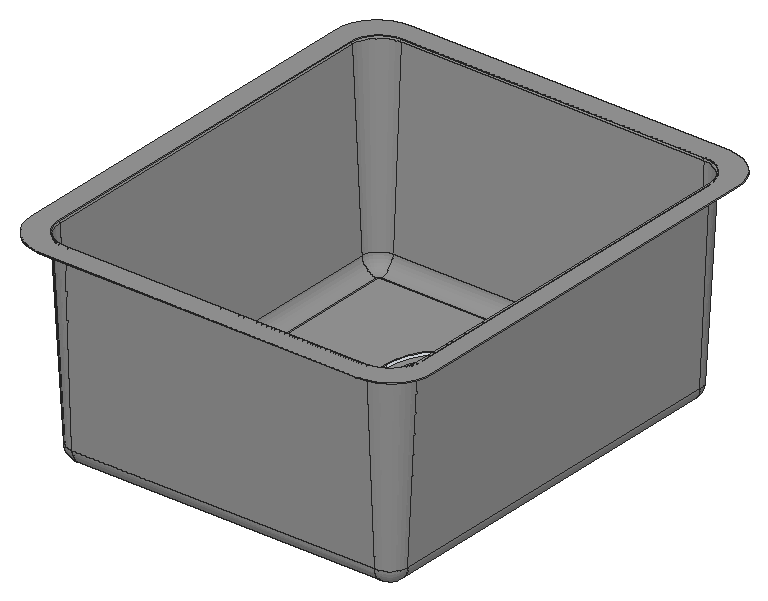
Revit family "SKS-KU340", category Plumbing Fixtures, host Face, Revit 2015
Parameters
  URL = "seima.com.au"
  Model = "SKS-KU340"
  Manufacturer = "SEIMA"
  Default Elevation = 900 mm
Reference planes
  plane 1 "Centro (Frente/Trás)": y = 0
  plane 2: z = 0
  plane 3 "Centro (Esquerda/Direita)": x = 0
  plane 4 "drain": z = -240.782
Forms (mm)
  Extrusion 1, solid, material "Padrão", not visible, detail levels fine
    sketch origin (0, 0, 0) x (1, 0, 0) y (0, 1, 0)
      loop
        line (-1500, 1500) -> (-1500, -1500) -> (1500, -1500) -> (1500, 1500) -> (-1500, 1500)
      loop
        line (-1450, 1450) -> (-1450, -1450) -> (1450, -1450) -> (1450, 1450) -> (-1450, 1450)
    from 0 to -175.6
  Extrusion 2, solid, material "SEIMA_STAINLESS_STEEL"
    sketch origin (0, 0, 0) x (1, 0, 0) y (0, 1, 0)
      loop
        line (152, 147) -> (-152, 147)
        arc (-152, 147) -> (-180.284, 135.284) -> (-192, 107) r 40
        line (-192, 107) -> (-192, -257)
        arc (-192, -257) -> (-180.284, -285.284) -> (-152, -297) r 40
        line (-152, -297) -> (152, -297)
        arc (152, -297) -> (180.284, -285.284) -> (192, -257) r 40
        line (192, -257) -> (192, 107)
        arc (192, 107) -> (180.284, 135.284) -> (152, 147) r 40
      loop
        spline (-144.91, 127.372) -> (-148.498, 127.138) -> (-152.023, 126.437) -> (-155.425, 125.283) -> (-158.647, 123.696) -> (-161.633, 121.701) -> (-164.333, 119.333) -> (-166.701, 116.633) -> (-168.696, 113.647) -> (-170.283, 110.425) -> (-171.437, 107.023) -> (-172.138, 103.498) -> (-172.372, 99.91)
        line (-172.372, 99.91) -> (-172.372, -249.91)
        spline (-172.372, -249.91) -> (-172.138, -253.498) -> (-171.437, -257.023) -> (-170.283, -260.425) -> (-168.696, -263.647) -> (-166.701, -266.633) -> (-164.333, -269.333) -> (-161.633, -271.701) -> (-158.647, -273.696) -> (-155.425, -275.283) -> (-152.023, -276.437) -> (-148.498, -277.138) -> (-144.91, -277.372)
        line (-144.91, -277.372) -> (144.91, -277.372)
        spline (144.91, -277.372) -> (148.498, -277.138) -> (152.023, -276.437) -> (155.425, -275.283) -> (158.647, -273.696) -> (161.633, -271.701) -> (164.333, -269.333) -> (166.701, -266.633) -> (168.696, -263.647) -> (170.283, -260.425) -> (171.437, -257.023) -> (172.138, -253.498) -> (172.372, -249.91)
        line (172.372, -249.91) -> (172.372, 99.91)
        spline (172.372, 99.91) -> (172.138, 103.498) -> (171.437, 107.023) -> (170.283, 110.425) -> (168.696, 113.647) -> (166.701, 116.633) -> (164.333, 119.333) -> (161.633, 121.701) -> (158.647, 123.696) -> (155.425, 125.283) -> (152.023, 126.437) -> (148.498, 127.138) -> (144.91, 127.372)
        line (144.91, 127.372) -> (-144.91, 127.372)
    from -0.8 to 0
  Sweep 3, solid, material "SEIMA_STAINLESS_STEEL"
    path origin (0, 0, -221.582) x (1, 0, 0) y (0, 1, 0)
      loop
        spline (172.372, 99.91) -> (172.138, 103.498) -> (171.437, 107.023) -> (170.283, 110.425) -> (168.696, 113.647) -> (166.701, 116.633) -> (164.333, 119.333) -> (161.633, 121.701) -> (158.647, 123.696) -> (155.425, 125.283) -> (152.023, 126.437) -> (148.498, 127.138) -> (144.91, 127.372)
        line (144.91, 127.372) -> (-144.91, 127.372)
        spline (-144.91, 127.372) -> (-148.498, 127.138) -> (-152.023, 126.437) -> (-155.425, 125.283) -> (-158.647, 123.696) -> (-161.633, 121.701) -> (-164.333, 119.333) -> (-166.701, 116.633) -> (-168.696, 113.647) -> (-170.283, 110.425) -> (-171.437, 107.023) -> (-172.138, 103.498) -> (-172.372, 99.91)
        line (-172.372, 99.91) -> (-172.372, -249.91)
        spline (-172.372, -249.91) -> (-172.138, -253.498) -> (-171.437, -257.023) -> (-170.283, -260.425) -> (-168.696, -263.647) -> (-166.701, -266.633) -> (-164.333, -269.333) -> (-161.633, -271.701) -> (-158.647, -273.696) -> (-155.425, -275.283) -> (-152.023, -276.437) -> (-148.498, -277.138) -> (-144.91, -277.372)
        line (-144.91, -277.372) -> (144.91, -277.372)
        spline (144.91, -277.372) -> (148.498, -277.138) -> (152.023, -276.437) -> (155.425, -275.283) -> (158.647, -273.696) -> (161.633, -271.701) -> (164.333, -269.333) -> (166.701, -266.633) -> (168.696, -263.647) -> (170.283, -260.425) -> (171.437, -257.023) -> (172.138, -253.498) -> (172.372, -249.91)
        line (172.372, -249.91) -> (172.372, 99.91)
    profile origin (172.372, -75, -221.582) x (1, 0, 0) y (0, 0, 1)
      loop
        line (0, 219.982) -> (0, 220.782)
        spline (0, 220.782) -> (-0.178, 220.767) -> (-0.353, 220.729) -> (-0.521, 220.668) -> (-0.68, 220.582) -> (-0.824, 220.474) -> (-0.951, 220.348) -> (-1.06, 220.208) -> (-1.153, 220.055) -> (-1.23, 219.892) -> (-1.294, 219.719) -> (-1.346, 219.537) -> (-1.388, 219.345)
        line (-1.388, 219.345) -> (-10.598, 41.606)
        arc (-10.598, 41.606) -> (-15.249, 31.505) -> (-25.578, 27.382) r 15
        line (-25.578, 27.382) -> (-25.578, 26.582)
        arc (-25.578, 26.582) -> (-14.699, 30.925) -> (-9.799, 41.565) r 15.8
        line (-9.799, 41.565) -> (-0.586, 219.347) -> (0, 219.982)
  Extrusion 4, solid, material "SEIMA_STAINLESS_STEEL"
    sketch origin (0, 0, 0) x (1, 0, 0) y (0, 1, 0)
      loop
        circle (0, 0) r 59.669
      loop
        spline (146.794, 99.91) -> (146.778, 100.164) -> (146.729, 100.409) -> (146.65, 100.644) -> (146.542, 100.863) -> (146.407, 101.065) -> (146.247, 101.247) -> (146.065, 101.407) -> (145.863, 101.542) -> (145.644, 101.65) -> (145.409, 101.729) -> (145.164, 101.778) -> (144.91, 101.794)
        line (144.91, 101.794) -> (-144.91, 101.794)
        spline (-144.91, 101.794) -> (-145.164, 101.778) -> (-145.409, 101.729) -> (-145.644, 101.65) -> (-145.863, 101.542) -> (-146.065, 101.407) -> (-146.247, 101.247) -> (-146.407, 101.065) -> (-146.542, 100.863) -> (-146.65, 100.644) -> (-146.729, 100.409) -> (-146.778, 100.164) -> (-146.794, 99.91)
        line (-146.794, 99.91) -> (-146.794, -249.91)
        spline (-146.794, -249.91) -> (-146.778, -250.164) -> (-146.729, -250.409) -> (-146.65, -250.644) -> (-146.542, -250.863) -> (-146.407, -251.065) -> (-146.247, -251.247) -> (-146.065, -251.407) -> (-145.863, -251.542) -> (-145.644, -251.65) -> (-145.409, -251.729) -> (-145.164, -251.778) -> (-144.91, -251.794)
        line (-144.91, -251.794) -> (144.91, -251.794)
        spline (144.91, -251.794) -> (145.164, -251.778) -> (145.409, -251.729) -> (145.644, -251.65) -> (145.863, -251.542) -> (146.065, -251.407) -> (146.247, -251.247) -> (146.407, -251.065) -> (146.542, -250.863) -> (146.65, -250.644) -> (146.729, -250.409) -> (146.778, -250.164) -> (146.794, -249.91)
        line (146.794, -249.91) -> (146.794, 99.91)
    from -195 to -194.2
  Sweep 5, solid
    path origin (0, 0, -24.198) x (1, 0, 0) y (0, 1, 0)
      loop
        circle (0, 0) r 59.669
    profile origin (0, 59.669, -24.198) x (0, -1, 0) y (0, 0, 1)
      loop
        line (0, -170.002) -> (0, -171.002) -> (3.149, -174.151) -> (14.172, -175.988) -> (14.172, -174.988) -> (3.149, -173.151) -> (0, -170.002)
Dimensions and locks
  aligned and locked: plane 2 to Extrusion 1
  aligned and locked: level to Extrusion 1
Nested families
  nested 1: "basket_waste" at (0, 0, -195.782), type "basket_waste", detail levels fine
Connectors
  piping at (0, 0, -240.782), diameter 40
    settings: index 1, connector inside diameter 609.6 mm, connector length 0 mm, flow factor 0, pipe flow 0.0 L/s, pressure drop 0.0 Pa, fitting loss kfactor 0, connector angle 0.00°, fixture units 0, engagement length 0 mm, angle of deflection 0.00°, flow configuration 0, flow direction 2, fitting loss method 0, system type 16, joint type 0, gender type 0, connector reference index -1, connector utility 0, adjustable connector no, is connector primary yes, connector description ""
Definition of nested family "basket_waste"
  Parameters (values of type "basket_waste")
    Default Elevation = 1219.2 mm
  Reference planes
    plane 1 "Centro (Frente/Trás)": y = 0
    plane 2: z = 0
    plane 3 "Centro (Esquerda/Direita)": x = 0
  Forms (mm)
    Extrusion 1, solid
      sketch origin (0, 0, 0) x (1, 0, 0) y (0, 1, 0)
        loop
          line (-120, 140) -> (-120, -133.115) -> (112.501, -133.115) -> (112.501, 140) -> (-120, 140)
      from 0 to -304.8
    Revolve 2, solid
      sketch origin (0, 0, 0) x (0, 1, 0) y (0, 0, 1)
        loop
          line (-50.396, 0) -> (-57.813, 0) -> (-43.273, -1.577)
          arc (-43.273, -1.577) -> (-40.091, -3.209) -> (-38.812, -6.548) r 5
          line (-38.812, -6.548) -> (-38.813, -20)
          arc (-38.813, -20) -> (-36.08, -26.869) -> (-29.375, -29.984) r 10
          arc (-29.375, -29.984) -> (-25.823, -31.659) -> (-24.375, -35.3) r 5.3
          line (-24.375, -35.3) -> (-24.375, -41.7)
          arc (-24.375, -41.7) -> (-23.408, -44.033) -> (-21.075, -45) r 3.3
          line (-21.075, -45) -> (0, -45) -> (0, -44.2) -> (-21.075, -44.2)
          arc (-21.075, -44.2) -> (-22.843, -43.468) -> (-23.575, -41.7) r 2.5
          line (-23.575, -41.7) -> (-23.575, -35.3)
          arc (-23.575, -35.3) -> (-25.242, -31.11) -> (-29.332, -29.21) r 6.1
          arc (-29.332, -29.21) -> (-35.498, -26.32) -> (-38.013, -20) r 9.2
          line (-38.013, -20) -> (-38.012, -6.548)
          arc (-38.012, -6.548) -> (-39.496, -2.675) -> (-43.187, -0.782) r 5.8
          line (-43.187, -0.782) -> (-50.396, 0)
        axis (0, 0) -> (0, -45)
      angle from 0 to 360
    Revolve 3, solid
      sketch origin (0, 0, 0) x (0, 1, 0) y (0, 0, 1)
        loop
          line (-20.985, -33.693) -> (0, -33.693) -> (0, -14.506) -> (-6.884, -14.506)
          arc (-6.884, -14.506) -> (-7.986, -14.962) -> (-8.442, -16.064) r 1.558
          line (-8.442, -16.064) -> (-6.571, -16.064)
          spline (-6.571, -16.064) -> (-6.214, -17.343) -> (-5.932, -18.652) -> (-5.723, -19.991) -> (-5.588, -21.36) -> (-5.527, -22.759) -> (-5.541, -24.188) -> (-5.628, -25.648) -> (-5.79, -27.137) -> (-6.025, -28.656) -> (-6.335, -30.205) -> (-6.719, -31.784) -> (-7.177, -33.393)
          line (-7.177, -33.393) -> (-20.792, -33.393)
          spline (-20.792, -33.393) -> (-21.995, -31.218) -> (-23.476, -29.492) -> (-25.148, -28.128) -> (-26.926, -27.035) -> (-28.727, -26.123) -> (-30.47, -25.298) -> (-32.074, -24.468) -> (-33.466, -23.552) -> (-34.575, -22.468) -> (-35.333, -21.13) -> (-35.684, -19.424) -> (-35.551, -17.238)
          arc (-35.551, -17.238) -> (-35.791, -16.502) -> (-36.46, -16.113) r 1.086
          arc (-36.46, -16.113) -> (-36.013, -16.568) -> (-35.849, -17.185) r 1.246
          spline (-35.849, -17.185) -> (-35.994, -19.459) -> (-35.625, -21.267) -> (-34.82, -22.699) -> (-33.659, -23.846) -> (-32.22, -24.8) -> (-30.582, -25.651) -> (-28.823, -26.49) -> (-27.023, -27.409) -> (-25.261, -28.497) -> (-23.614, -29.847) -> (-22.163, -31.548) -> (-20.985, -33.693)
        axis (0, -14.506) -> (0, -33.693)
      angle from 0 to 360
    Extrusion 4, void
      sketch origin (0, 0, 0) x (1, 0, 0) y (0, 1, 0)
        loop
          spline (-1, -32.405) -> (-0.966, -32.69) -> (-0.866, -32.957) -> (-0.707, -33.185) -> (-0.5, -33.361) -> (-0.259, -33.471) -> (0, -33.509) -> (0.259, -33.471) -> (0.5, -33.361) -> (0.707, -33.185) -> (0.866, -32.957) -> (0.966, -32.69) -> (1, -32.405)
          line (1, -32.405) -> (1, -12.995)
          spline (1, -12.995) -> (0.966, -12.709) -> (0.866, -12.443) -> (0.707, -12.214) -> (0.5, -12.038) -> (0.259, -11.928) -> (0, -11.89) -> (-0.259, -11.928) -> (-0.5, -12.038) -> (-0.707, -12.214) -> (-0.866, -12.443) -> (-0.966, -12.709) -> (-1, -12.995)
          line (-1, -12.995) -> (-1, -32.405)
        loop
          spline (10.143, -30.792) -> (10.273, -31.049) -> (10.458, -31.265) -> (10.686, -31.426) -> (10.94, -31.52) -> (11.205, -31.541) -> (11.461, -31.488) -> (11.691, -31.364) -> (11.88, -31.178) -> (12.015, -30.942) -> (12.086, -30.673) -> (12.088, -30.389) -> (12.023, -30.108)
          line (12.023, -30.108) -> (5.384, -11.869)
          spline (5.384, -11.869) -> (5.254, -11.612) -> (5.069, -11.396) -> (4.842, -11.235) -> (4.587, -11.141) -> (4.323, -11.12) -> (4.067, -11.173) -> (3.836, -11.297) -> (3.648, -11.483) -> (3.513, -11.719) -> (3.442, -11.988) -> (3.439, -12.273) -> (3.505, -12.553)
          line (3.505, -12.553) -> (10.143, -30.792)
        loop
          spline (20.063, -25.466) -> (20.273, -25.663) -> (20.521, -25.803) -> (20.79, -25.876) -> (21.061, -25.877) -> (21.317, -25.807) -> (21.539, -25.669) -> (21.713, -25.474) -> (21.827, -25.235) -> (21.873, -24.967) -> (21.848, -24.69) -> (21.753, -24.421) -> (21.595, -24.181)
          line (21.595, -24.181) -> (9.119, -9.312)
          spline (9.119, -9.312) -> (8.909, -9.115) -> (8.661, -8.975) -> (8.393, -8.902) -> (8.121, -8.901) -> (7.865, -8.971) -> (7.643, -9.109) -> (7.469, -9.304) -> (7.355, -9.543) -> (7.309, -9.811) -> (7.335, -10.088) -> (7.429, -10.356) -> (7.587, -10.597)
          line (7.587, -10.597) -> (20.063, -25.466)
        loop
          spline (27.563, -17.068) -> (27.828, -17.182) -> (28.108, -17.228) -> (28.386, -17.205) -> (28.641, -17.114) -> (28.858, -16.96) -> (29.02, -16.754) -> (29.116, -16.512) -> (29.141, -16.247) -> (29.093, -15.98) -> (28.974, -15.728) -> (28.794, -15.509) -> (28.563, -15.336)
          line (28.563, -15.336) -> (11.754, -5.631)
          spline (11.754, -5.631) -> (11.489, -5.518) -> (11.209, -5.471) -> (10.931, -5.495) -> (10.676, -5.586) -> (10.459, -5.74) -> (10.297, -5.945) -> (10.201, -6.188) -> (10.176, -6.452) -> (10.224, -6.719) -> (10.343, -6.971) -> (10.523, -7.191) -> (10.754, -7.363)
          line (10.754, -7.363) -> (27.563, -17.068)
        loop
          spline (31.739, -6.612) -> (32.026, -6.628) -> (32.306, -6.576) -> (32.559, -6.459) -> (32.767, -6.285) -> (32.918, -6.067) -> (33, -5.819) -> (33.008, -5.557) -> (32.941, -5.301) -> (32.804, -5.066) -> (32.606, -4.87) -> (32.362, -4.725) -> (32.086, -4.642)
          line (32.086, -4.642) -> (12.971, -1.272)
          spline (12.971, -1.272) -> (12.684, -1.256) -> (12.404, -1.308) -> (12.151, -1.425) -> (11.942, -1.598) -> (11.792, -1.816) -> (11.71, -2.065) -> (11.702, -2.326) -> (11.769, -2.583) -> (11.906, -2.817) -> (12.103, -3.014) -> (12.348, -3.158) -> (12.624, -3.241)
          line (12.624, -3.241) -> (31.739, -6.612)
        loop
          spline (32.086, 4.642) -> (32.362, 4.725) -> (32.606, 4.87) -> (32.804, 5.066) -> (32.941, 5.301) -> (33.008, 5.557) -> (33, 5.819) -> (32.918, 6.067) -> (32.767, 6.285) -> (32.559, 6.459) -> (32.306, 6.576) -> (32.026, 6.628) -> (31.739, 6.612)
          line (31.739, 6.612) -> (12.624, 3.241)
          spline (12.624, 3.241) -> (12.348, 3.158) -> (12.103, 3.014) -> (11.906, 2.817) -> (11.769, 2.583) -> (11.702, 2.326) -> (11.71, 2.065) -> (11.792, 1.816) -> (11.942, 1.598) -> (12.151, 1.425) -> (12.404, 1.308) -> (12.684, 1.256) -> (12.971, 1.272)
          line (12.971, 1.272) -> (32.086, 4.642)
        loop
          spline (28.563, 15.336) -> (28.794, 15.509) -> (28.974, 15.728) -> (29.093, 15.98) -> (29.141, 16.247) -> (29.116, 16.512) -> (29.02, 16.754) -> (28.858, 16.96) -> (28.641, 17.114) -> (28.386, 17.205) -> (28.108, 17.228) -> (27.828, 17.182) -> (27.563, 17.068)
          line (27.563, 17.068) -> (10.754, 7.363)
          spline (10.754, 7.363) -> (10.523, 7.191) -> (10.343, 6.971) -> (10.224, 6.719) -> (10.176, 6.452) -> (10.201, 6.188) -> (10.297, 5.945) -> (10.459, 5.74) -> (10.676, 5.586) -> (10.931, 5.495) -> (11.209, 5.471) -> (11.489, 5.518) -> (11.754, 5.631)
          line (11.754, 5.631) -> (28.563, 15.336)
        loop
          spline (21.595, 24.181) -> (21.753, 24.421) -> (21.848, 24.69) -> (21.873, 24.967) -> (21.827, 25.235) -> (21.713, 25.474) -> (21.539, 25.669) -> (21.317, 25.807) -> (21.061, 25.877) -> (20.79, 25.876) -> (20.521, 25.803) -> (20.273, 25.663) -> (20.063, 25.466)
          line (20.063, 25.466) -> (7.587, 10.597)
          spline (7.587, 10.597) -> (7.429, 10.356) -> (7.335, 10.088) -> (7.309, 9.811) -> (7.355, 9.543) -> (7.469, 9.304) -> (7.643, 9.109) -> (7.865, 8.971) -> (8.121, 8.901) -> (8.393, 8.902) -> (8.661, 8.975) -> (8.909, 9.115) -> (9.119, 9.312)
          line (9.119, 9.312) -> (21.595, 24.181)
        loop
          spline (12.023, 30.108) -> (12.088, 30.389) -> (12.086, 30.673) -> (12.015, 30.942) -> (11.88, 31.178) -> (11.691, 31.364) -> (11.461, 31.488) -> (11.205, 31.541) -> (10.94, 31.52) -> (10.686, 31.426) -> (10.458, 31.265) -> (10.273, 31.049) -> (10.143, 30.792)
          line (10.143, 30.792) -> (3.505, 12.553)
          spline (3.505, 12.553) -> (3.439, 12.273) -> (3.442, 11.988) -> (3.513, 11.719) -> (3.648, 11.483) -> (3.836, 11.297) -> (4.067, 11.173) -> (4.323, 11.12) -> (4.587, 11.141) -> (4.842, 11.235) -> (5.069, 11.396) -> (5.254, 11.612) -> (5.384, 11.869)
          line (5.384, 11.869) -> (12.023, 30.108)
        loop
          spline (1, 32.405) -> (0.966, 32.69) -> (0.866, 32.957) -> (0.707, 33.185) -> (0.5, 33.361) -> (0.259, 33.471) -> (0, 33.509) -> (-0.259, 33.471) -> (-0.5, 33.361) -> (-0.707, 33.185) -> (-0.866, 32.957) -> (-0.966, 32.69) -> (-1, 32.405)
          line (-1, 32.405) -> (-1, 12.995)
          spline (-1, 12.995) -> (-0.966, 12.709) -> (-0.866, 12.443) -> (-0.707, 12.214) -> (-0.5, 12.038) -> (-0.259, 11.928) -> (0, 11.89) -> (0.259, 11.928) -> (0.5, 12.038) -> (0.707, 12.214) -> (0.866, 12.443) -> (0.966, 12.709) -> (1, 12.995)
          line (1, 12.995) -> (1, 32.405)
        loop
          line (-10.143, -30.792) -> (-3.505, -12.553)
          spline (-3.505, -12.553) -> (-3.439, -12.273) -> (-3.442, -11.988) -> (-3.513, -11.719) -> (-3.648, -11.483) -> (-3.836, -11.297) -> (-4.067, -11.173) -> (-4.323, -11.12) -> (-4.587, -11.141) -> (-4.842, -11.235) -> (-5.069, -11.396) -> (-5.254, -11.612) -> (-5.384, -11.869)
          line (-5.384, -11.869) -> (-12.023, -30.108)
          spline (-12.023, -30.108) -> (-12.088, -30.389) -> (-12.086, -30.673) -> (-12.015, -30.942) -> (-11.88, -31.178) -> (-11.691, -31.364) -> (-11.461, -31.488) -> (-11.205, -31.541) -> (-10.94, -31.52) -> (-10.686, -31.426) -> (-10.458, -31.265) -> (-10.273, -31.049) -> (-10.143, -30.792)
        loop
          line (-20.063, -25.466) -> (-7.587, -10.597)
          spline (-7.587, -10.597) -> (-7.429, -10.356) -> (-7.335, -10.088) -> (-7.309, -9.811) -> (-7.355, -9.543) -> (-7.469, -9.304) -> (-7.643, -9.109) -> (-7.865, -8.971) -> (-8.121, -8.901) -> (-8.393, -8.902) -> (-8.661, -8.975) -> (-8.909, -9.115) -> (-9.119, -9.312)
          line (-9.119, -9.312) -> (-21.595, -24.181)
          spline (-21.595, -24.181) -> (-21.753, -24.421) -> (-21.848, -24.69) -> (-21.873, -24.967) -> (-21.827, -25.235) -> (-21.713, -25.474) -> (-21.539, -25.669) -> (-21.317, -25.807) -> (-21.061, -25.877) -> (-20.79, -25.876) -> (-20.521, -25.803) -> (-20.273, -25.663) -> (-20.063, -25.466)
        loop
          line (-27.563, -17.068) -> (-10.754, -7.363)
          spline (-10.754, -7.363) -> (-10.523, -7.191) -> (-10.343, -6.971) -> (-10.224, -6.719) -> (-10.176, -6.452) -> (-10.201, -6.188) -> (-10.297, -5.945) -> (-10.459, -5.74) -> (-10.676, -5.586) -> (-10.931, -5.495) -> (-11.209, -5.471) -> (-11.489, -5.518) -> (-11.754, -5.631)
          line (-11.754, -5.631) -> (-28.563, -15.336)
          spline (-28.563, -15.336) -> (-28.794, -15.509) -> (-28.974, -15.728) -> (-29.093, -15.98) -> (-29.141, -16.247) -> (-29.116, -16.512) -> (-29.02, -16.754) -> (-28.858, -16.96) -> (-28.641, -17.114) -> (-28.386, -17.205) -> (-28.108, -17.228) -> (-27.828, -17.182) -> (-27.563, -17.068)
        loop
          line (-31.739, -6.612) -> (-12.624, -3.241)
          spline (-12.624, -3.241) -> (-12.348, -3.158) -> (-12.103, -3.014) -> (-11.906, -2.817) -> (-11.769, -2.583) -> (-11.702, -2.326) -> (-11.71, -2.065) -> (-11.792, -1.816) -> (-11.942, -1.598) -> (-12.151, -1.425) -> (-12.404, -1.308) -> (-12.684, -1.256) -> (-12.971, -1.272)
          line (-12.971, -1.272) -> (-32.086, -4.642)
          spline (-32.086, -4.642) -> (-32.362, -4.725) -> (-32.606, -4.87) -> (-32.804, -5.066) -> (-32.941, -5.301) -> (-33.008, -5.557) -> (-33, -5.819) -> (-32.918, -6.067) -> (-32.767, -6.285) -> (-32.559, -6.459) -> (-32.306, -6.576) -> (-32.026, -6.628) -> (-31.739, -6.612)
        loop
          line (-32.086, 4.642) -> (-12.971, 1.272)
          spline (-12.971, 1.272) -> (-12.684, 1.256) -> (-12.404, 1.308) -> (-12.151, 1.425) -> (-11.942, 1.598) -> (-11.792, 1.816) -> (-11.71, 2.065) -> (-11.702, 2.326) -> (-11.769, 2.583) -> (-11.906, 2.817) -> (-12.103, 3.014) -> (-12.348, 3.158) -> (-12.624, 3.241)
          line (-12.624, 3.241) -> (-31.739, 6.612)
          spline (-31.739, 6.612) -> (-32.026, 6.628) -> (-32.306, 6.576) -> (-32.559, 6.459) -> (-32.767, 6.285) -> (-32.918, 6.067) -> (-33, 5.819) -> (-33.008, 5.557) -> (-32.941, 5.301) -> (-32.804, 5.066) -> (-32.606, 4.87) -> (-32.362, 4.725) -> (-32.086, 4.642)
        loop
          line (-28.563, 15.336) -> (-11.754, 5.631)
          spline (-11.754, 5.631) -> (-11.489, 5.518) -> (-11.209, 5.471) -> (-10.931, 5.495) -> (-10.676, 5.586) -> (-10.459, 5.74) -> (-10.297, 5.945) -> (-10.201, 6.188) -> (-10.176, 6.452) -> (-10.224, 6.719) -> (-10.343, 6.971) -> (-10.523, 7.191) -> (-10.754, 7.363)
          line (-10.754, 7.363) -> (-27.563, 17.068)
          spline (-27.563, 17.068) -> (-27.828, 17.182) -> (-28.108, 17.228) -> (-28.386, 17.205) -> (-28.641, 17.114) -> (-28.858, 16.96) -> (-29.02, 16.754) -> (-29.116, 16.512) -> (-29.141, 16.247) -> (-29.093, 15.98) -> (-28.974, 15.728) -> (-28.794, 15.509) -> (-28.563, 15.336)
        loop
          line (-21.595, 24.181) -> (-9.119, 9.312)
          spline (-9.119, 9.312) -> (-8.909, 9.115) -> (-8.661, 8.975) -> (-8.393, 8.902) -> (-8.121, 8.901) -> (-7.865, 8.971) -> (-7.643, 9.109) -> (-7.469, 9.304) -> (-7.355, 9.543) -> (-7.309, 9.811) -> (-7.335, 10.088) -> (-7.429, 10.356) -> (-7.587, 10.597)
          line (-7.587, 10.597) -> (-20.063, 25.466)
          spline (-20.063, 25.466) -> (-20.273, 25.663) -> (-20.521, 25.803) -> (-20.79, 25.876) -> (-21.061, 25.877) -> (-21.317, 25.807) -> (-21.539, 25.669) -> (-21.713, 25.474) -> (-21.827, 25.235) -> (-21.873, 24.967) -> (-21.848, 24.69) -> (-21.753, 24.421) -> (-21.595, 24.181)
        loop
          line (-12.023, 30.108) -> (-5.384, 11.869)
          spline (-5.384, 11.869) -> (-5.254, 11.612) -> (-5.069, 11.396) -> (-4.842, 11.235) -> (-4.587, 11.141) -> (-4.323, 11.12) -> (-4.067, 11.173) -> (-3.836, 11.297) -> (-3.648, 11.483) -> (-3.513, 11.719) -> (-3.442, 11.988) -> (-3.439, 12.273) -> (-3.505, 12.553)
          line (-3.505, 12.553) -> (-10.143, 30.792)
          spline (-10.143, 30.792) -> (-10.273, 31.049) -> (-10.458, 31.265) -> (-10.686, 31.426) -> (-10.94, 31.52) -> (-11.205, 31.541) -> (-11.461, 31.488) -> (-11.691, 31.364) -> (-11.88, 31.178) -> (-12.015, 30.942) -> (-12.086, 30.673) -> (-12.088, 30.389) -> (-12.023, 30.108)
      from -35 to -13.692
    Extrusion 5, void
      sketch origin (0, 0, 0) x (1, 0, 0) y (0, 1, 0)
        loop
          circle (0.008, -0.062) r 3.997
        loop
          line (16.52, -10.641) -> (7.939, -7.679)
          arc (7.939, -7.679) -> (6.466, -8.962) -> (4.789, -9.965) r 10.997
          line (4.789, -9.965) -> (4.942, -19.041)
          arc (4.942, -19.041) -> (11.524, -15.934) -> (16.52, -10.641) r 19.61
        loop
          line (-4.95, -19.035) -> (-4.786, -9.958)
          arc (-4.786, -9.958) -> (-6.461, -8.954) -> (-7.933, -7.669) r 10.997
          line (-7.933, -7.669) -> (-16.518, -10.619)
          arc (-16.518, -10.619) -> (-11.529, -15.919) -> (-4.95, -19.035) r 19.61
        loop
          line (-19.568, -1.209) -> (-10.885, 1.44)
          arc (-10.885, 1.44) -> (-10.448, 3.344) -> (-9.68, 5.14) r 10.997
          line (-9.68, 5.14) -> (-15.139, 12.394)
          arc (-15.139, 12.394) -> (-18.638, 6.011) -> (-19.568, -1.209) r 19.61
        loop
          line (-7.132, 18.203) -> (-1.93, 10.763)
          arc (-1.93, 10.763) -> (0.016, 10.935) -> (1.961, 10.76) r 10.997
          line (1.961, 10.76) -> (7.173, 18.193)
          arc (7.173, 18.193) -> (0.021, 19.549) -> (-7.132, 18.203) r 19.61
        loop
          line (15.172, 12.373) -> (9.704, 5.127)
          arc (9.704, 5.127) -> (10.469, 3.33) -> (10.904, 1.425) r 10.997
          line (10.904, 1.425) -> (19.584, -1.235)
          arc (19.584, -1.235) -> (18.663, 5.986) -> (15.172, 12.373) r 19.61
      from -49.503 to -41.931
    Sweep 6, solid
      path origin (0, 0, 0) x (1, 0, 0) y (0, 1, 0)
        loop
          circle (0, 0) r 22
      profile origin (0, 22, 0) x (0, -1, 0) y (0, 0, 1)
        loop
          line (0.59, -45) -> (0.59, -47.5) -> (1.39, -47.5) -> (1.39, -45) -> (0.59, -45)
  Cuts and joins
    Extrusion 4 cuts Revolve 3
    Extrusion 5 cuts Revolve 2
  Dimensions and locks
    aligned and locked: plane 2 to Extrusion 1
    aligned and locked: level to Extrusion 1
